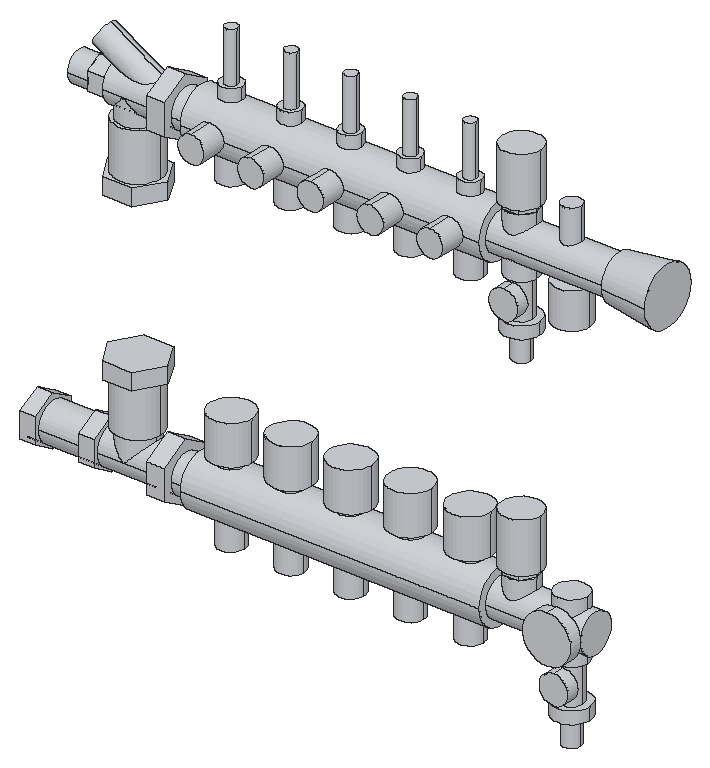
Revit family "318_1dab38ccfa9a4ba2b3cf6a35155c05", category Pipe Accessories, Revit 2017 (continued)
Automatic sketch dimensions
  Extrusion 130 sketch curve to plane 9 "382" = 1 mm
  Extrusion 131 sketch curve to plane 9 "382" = 1 mm
  Extrusion 132 sketch curve to plane 9 "382" = 1 mm
  Extrusion 133 sketch curve to plane 9 "382" = 1 mm
  Extrusion 134 sketch curve to plane 9 "382" = 1 mm
Connectors
  piping at (0, 0, 0), diameter 25, driven by "Flow supply main", driven by "SMP"
    settings: on Extrusion 131, index 1, connector inside diameter 609.6 mm, connector length 0 mm, flow factor 0, pipe flow 0.0 L/s, pressure drop 0.0 Pa, fitting loss kfactor 0, connector angle 0.00°, fixture units 0, engagement length 0 mm, angle of deflection 0.00°, flow configuration 1, flow direction 1, fitting loss method 0, system type 7, joint type 0, gender type 0, connector reference index -1, connector utility 0, adjustable connector no, is connector primary yes, connector description "Main_1_1"
  piping at (127, 0, -40), diameter 18, driven by "Flow supply 1", driven by "SBP1"
    settings: on Extrusion 133, index 2, connector inside diameter 609.6 mm, connector length 0 mm, flow factor 0, pipe flow 0.0 L/s, pressure drop 0.0 Pa, fitting loss kfactor 0, connector angle 0.00°, fixture units 0, engagement length 0 mm, angle of deflection 0.00°, flow configuration 0, flow direction 2, fitting loss method 0, system type 7, joint type 0, gender type 0, connector reference index -1, connector utility 0, adjustable connector no, is connector primary no, connector description "Branch_1_1"
  piping at (177, 0, -40), diameter 18, driven by "Flow supply 2", driven by "SBP2"
    settings: on Extrusion 134, index 3, connector inside diameter 609.6 mm, connector length 0 mm, flow factor 0, pipe flow 0.0 L/s, pressure drop 0.0 Pa, fitting loss kfactor 0, connector angle 0.00°, fixture units 0, engagement length 0 mm, angle of deflection 0.00°, flow configuration 0, flow direction 2, fitting loss method 0, system type 7, joint type 0, gender type 0, connector reference index -1, connector utility 0, adjustable connector no, is connector primary no, connector description "Branch_1_2"
  piping at (227, 0, -40), diameter 18, driven by "Flow supply 3", driven by "SBP3"
    settings: on Extrusion 130, index 4, connector inside diameter 609.6 mm, connector length 0 mm, flow factor 0, pipe flow 0.0 L/s, pressure drop 0.0 Pa, fitting loss kfactor 0, connector angle 0.00°, fixture units 0, engagement length 0 mm, angle of deflection 0.00°, flow configuration 0, flow direction 2, fitting loss method 0, system type 7, joint type 0, gender type 0, connector reference index -1, connector utility 0, adjustable connector no, is connector primary no, connector description "Branch_1_3"
  piping at (277, 0, -40), diameter 18, driven by "Flow supply 4", driven by "SBP4"
    settings: on Extrusion 129, index 5, connector inside diameter 609.6 mm, connector length 0 mm, flow factor 0, pipe flow 0.0 L/s, pressure drop 0.0 Pa, fitting loss kfactor 0, connector angle 0.00°, fixture units 0, engagement length 0 mm, angle of deflection 0.00°, flow configuration 0, flow direction 2, fitting loss method 0, system type 7, joint type 0, gender type 0, connector reference index -1, connector utility 0, adjustable connector no, is connector primary no, connector description "Branch_1_4"
  piping at (327, 0, -40), diameter 18, driven by "Flow supply 5", driven by "SBP5"
    settings: on Extrusion 128, index 6, connector inside diameter 609.6 mm, connector length 0 mm, flow factor 0, pipe flow 0.0 L/s, pressure drop 0.0 Pa, fitting loss kfactor 0, connector angle 0.00°, fixture units 0, engagement length 0 mm, angle of deflection 0.00°, flow configuration 0, flow direction 2, fitting loss method 0, system type 7, joint type 0, gender type 0, connector reference index -1, connector utility 0, adjustable connector no, is connector primary no, connector description "Branch_1_5"
  piping at (-35, 0, -274), diameter 25, driven by "Flow return main", driven by "RMP"
    settings: on Extrusion 132, index 7, connector inside diameter 609.6 mm, connector length 0 mm, flow factor 0, pipe flow 0.0 L/s, pressure drop 0.0 Pa, fitting loss kfactor 0, connector angle 0.00°, fixture units 0, engagement length 0 mm, angle of deflection 0.00°, flow configuration 1, flow direction 2, fitting loss method 0, system type 8, joint type 0, gender type 0, connector reference index -1, connector utility 0, adjustable connector no, is connector primary no, connector description "Main_2_1"
  piping at (127, 0, -314), diameter 18, driven by "Flow return 1", driven by "RBP1"
    settings: on Extrusion 126, index 8, connector inside diameter 609.6 mm, connector length 0 mm, flow factor 0, pipe flow 0.0 L/s, pressure drop 0.0 Pa, fitting loss kfactor 0, connector angle 0.00°, fixture units 0, engagement length 0 mm, angle of deflection 0.00°, flow configuration 0, flow direction 1, fitting loss method 0, system type 8, joint type 0, gender type 0, connector reference index -1, connector utility 0, adjustable connector no, is connector primary no, connector description "Branch_2_1"
  piping at (177, 0, -314), diameter 18, driven by "Flow return 2", driven by "RBP2"
    settings: on Extrusion 125, index 9, connector inside diameter 609.6 mm, connector length 0 mm, flow factor 0, pipe flow 0.0 L/s, pressure drop 0.0 Pa, fitting loss kfactor 0, connector angle 0.00°, fixture units 0, engagement length 0 mm, angle of deflection 0.00°, flow configuration 0, flow direction 1, fitting loss method 0, system type 8, joint type 0, gender type 0, connector reference index -1, connector utility 0, adjustable connector no, is connector primary no, connector description "Branch_2_2"
  piping at (227, 0, -314), diameter 18, driven by "Flow return 3", driven by "RBP3"
    settings: on Extrusion 127, index 10, connector inside diameter 609.6 mm, connector length 0 mm, flow factor 0, pipe flow 0.0 L/s, pressure drop 0.0 Pa, fitting loss kfactor 0, connector angle 0.00°, fixture units 0, engagement length 0 mm, angle of deflection 0.00°, flow configuration 0, flow direction 1, fitting loss method 0, system type 8, joint type 0, gender type 0, connector reference index -1, connector utility 0, adjustable connector no, is connector primary no, connector description "Branch_2_3"
  piping at (277, 0, -314), diameter 18, driven by "Flow return 4", driven by "RBP4"
    settings: on Extrusion 124, index 11, connector inside diameter 609.6 mm, connector length 0 mm, flow factor 0, pipe flow 0.0 L/s, pressure drop 0.0 Pa, fitting loss kfactor 0, connector angle 0.00°, fixture units 0, engagement length 0 mm, angle of deflection 0.00°, flow configuration 0, flow direction 1, fitting loss method 0, system type 8, joint type 0, gender type 0, connector reference index -1, connector utility 0, adjustable connector no, is connector primary no, connector description "Branch_2_4"
  piping at (327, 0, -314), diameter 18, driven by "Flow return 5", driven by "RBP5"
    settings: on Extrusion 123, index 12, connector inside diameter 609.6 mm, connector length 0 mm, flow factor 0, pipe flow 0.0 L/s, pressure drop 0.0 Pa, fitting loss kfactor 0, connector angle 0.00°, fixture units 0, engagement length 0 mm, angle of deflection 0.00°, flow configuration 0, flow direction 1, fitting loss method 0, system type 8, joint type 0, gender type 0, connector reference index -1, connector utility 0, adjustable connector no, is connector primary no, connector description "Branch_2_5"
